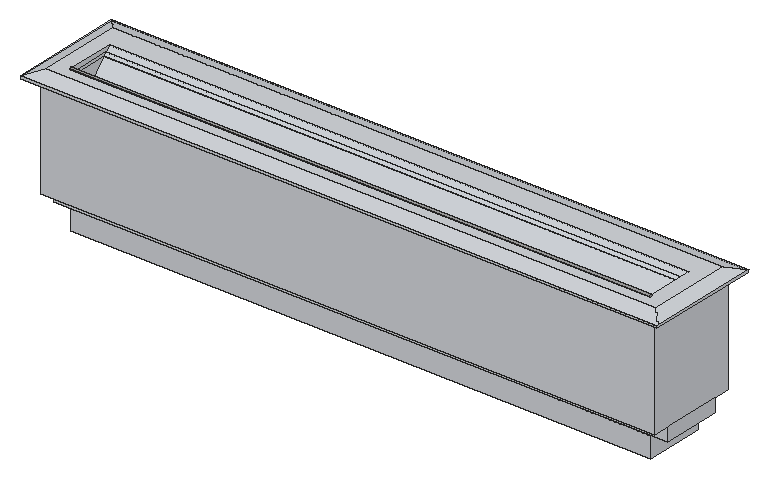
Revit family "2061270 Sylvania Lighting Fixture DOMINO 10xLED 940 OPAL AY TRIM BLACK", category Lighting Fixtures, host Face, Revit 2018
Family settings
  Host = Face
  Round Connector Dimension = Use Diameter
  Part Type = Normal
  OmniClass Number = 23.80.70.00
  OmniClass Title = Lighting
  Cut with Voids When Loaded = No
  Light Source = Yes
  Shared = No
  Room Calculation Point = No
Parameters (values of type "2061270 DOMINO 10XLED 940 OPAL ASYM TR BLK ")
  top top width = 15.812 mm
  top top length = 255 mm
  Width = 50 mm
  Weight = "n/a"
  Wattage Comments = ""
  Wattage = 9.2903 W
  WarrantyStartDate [instance] = "n/a"
  WarrantyGuarantorParts = "n/a"
  WarrantyDurationUnit = "n/a"
  WarrantyDurationParts = ""
  WarrantyDescription = "http://www.sylvania-lighting.com"
  built-in parameter 1150110 = 1 (stored number, unit not read)
  Voltage = 0 V
  URL = "0.95"
  TypeName = "DOMINO 10xLED 940 OPAL AY TRIM BLACK"
  Type Image = <None>
  Type Comments = "n/a"
  built-in parameter 1114217 = 1 (stored number, unit not read)
  Top Width = 26 mm
  Tilt Angle = 90.00°
  built-in parameter 1150109 = 1 (stored number, unit not read)
  built-in parameter 1150134 = 3
  built-in parameter 1150113 = 1 (stored number, unit not read)
  SerialNumber [instance] = "n/a"
  Recessed Width = 43 mm
  Recessed Length = 276 mm
  Photometric Web File = "2061270.ies"
  Material_3_FEILO = none
  PowerFactor = 0
  PowerConsumption = "Lighting"
  NominalLength = 50 mm
  NominalHeight = 0 mm
  NominalDepth = 0 mm
  Name = "DOMINO 10xLED 940 OPAL AY TRIM BLACK"
  ModelReference = Name  # "DOMINO 10xLED 940 OPAL AY TRIM BLACK"
  ModelNumber = "2061270"
  Model = Name  # "DOMINO 10xLED 940 OPAL AY TRIM BLACK"
  Material = "Feilo Sylvania"
  ManufacturerName = "65 lm/W"
  Manufacturer = ""
  LuminousEfficacy = ""
  built-in parameter 1150105 = 109.82 (stored number, unit not read)
  Lumens = 1380 lm
  LuminaireType = "0"
  built-in parameter 1150115 = 1 (stored number, unit not read)
  LightOutputRatio = "LED"
  built-in parameter 1150137 = (empty or 0)
  built-in parameter 1150139 = (empty or 0)
  Lens inside recess = 25 mm
  Lens Width = 32 mm
  Lens Outside recess = 31.978 mm
  Lens = Glass, White, High Luminance
  Length = 280 mm
  LampsType = Lamp  # "n/a"
  LampNominalLuminous = "4000 K"
  LampMacAdamStep = "90"
  LampColourTemperature = "LED"
  LampColourRenderingIndex = "16500"
  built-in parameter 1150112 = 1 (stored number, unit not read)
  built-in parameter 1150114 = 1 (stored number, unit not read)
  Lamp = "n/a"
  Keynote = "n/a"
  InstallationDate [instance] = "n/a"
  InputVoltage = "0"
  InputNominalFrequency = "4000"
  built-in parameter 1150132 = (empty or 0)
  built-in parameter 1150102 = (empty or 0)
  built-in parameter 1150107 = 3200 (stored number, unit not read)
  built-in parameter 1150138 = (empty or 0)
  IngressProtection = "IfcLightFixtureType"
  ImpactProtectionIndex = "IfcLightFixtureType"
  built-in parameter 1150106 = 1.0982 (stored number, unit not read)
  IfcExportType = "IfcLightFixtureType"
  IfcExportAs = "Class II"
  Facia internal width = 37 mm
  Facia internal length = 268 mm
  Facia Height = 2 mm
  ExpectedLife = 50000
  Emit from Circle Diameter = 609.6 mm
  Emit Shape Visible in Rendering = no
  ElectricShockClassification = "65"
  built-in parameter 1150104 = 13.8 (stored number, unit not read)
  DurationUnit = "hours"
  DocumentationLiterature = "http://www.sylvania-lighting.com/product/en-int/products/2061270"
  DimmingControlOptions = "n/a"
  Material_2_FEILO = none
  Dimming Lamp Color Temperature Shift = <None>
  Description = "Modular LED recessed linear spotlight, ideal for retail and hospitality applications. Die-cast aluminium body, passive cooling. Two levels of reflector installation, low glaring. 10x LED source, asymmetric beam angle , optics: PMMA lens and polycarbonate reflector combination, opaline diffuser. Light color temperature: 4000K neutral white, total system power: 23W , total fixture lumen output: 1475lm, efficacy: 65 lm/W, Ra90 typical, LED chromacity: 3 step MacAdam ellipse (SDCM3), lifespan: 96,000 hours at 90% of the original output (L90B10), IR/UV free light source without heat radiation, operating voltage: 220-240V / 50-60Hz, electronic driver, ultra low flicker, non-dimmable , electrical protection: Class II. Degree of Protection: IP40/IP20, suitable for indoor environment only. Ceiling cut-out: 43x43mm, outer dimensions:  280x50mm trim frame RAL 9005 - Jet black color.5 years Warranty."
  Default Elevation = 1219.2 mm
  CreatedOn = "23/02/2021"
  CreatedBy = "@sylvania-lighting.com"
  Cost = 0
  Color Filter = 16777215
  built-in parameter 1114216 [instance] = (empty or 0)
  ClassificationValue = "EF_70_80"
  ClassificationName = "Uniclass2015"
  Material_1_FEILO = none
  Body Width = 40 mm
  Body Length = 270 mm
  BarCode [instance] = "n/a"
  built-in parameter 1114218 = 1 (stored number, unit not read)
  built-in parameter 1150133 = 10 (stored number, unit not read)
  AssetType = "Fixed"
  AssetIdentifier [instance] = "n/a"
  Assembly Code = "D5020200"
  Apparent Load = 23 VA
  Material_4_FEILO = none
Reference planes
  plane 1 "Center (Front/Back)": y = 0
  plane 2: z = 0
  plane 3 "Center (Left/Right)": x = 0
  plane 4: z = 0
  plane 5: z = -7
  plane 6: z = -45.895
  plane 7: z = -51.895
  plane 8: z = -60.895
  plane 9: x = -138
  plane 10: x = 138
  plane 11: y = 21.5
  plane 12: y = -21.5
  plane 13: x = -140
  plane 14: x = 140
  plane 15: y = 25
  plane 16: y = -25
  plane 17: x = 134
  plane 18: x = -134
  plane 19: y = 18.5
  plane 20: y = -18.5
  plane 21: z = 2
  plane 22: x = -135
  plane 23: x = 135
  plane 24: y = 20
  plane 25: y = -20
  plane 26: y = 13
  plane 27: y = -13
  plane 28: x = 127.5
  plane 29: x = -127.5
  plane 30: x = -132
  plane 31: y = 16.5
  plane 32: y = -16.472
  plane 33: y = 13
  plane 34: y = -12.972
  plane 35: x = 129.7
  plane 36: x = 127.224
  plane 37: y = 11
  plane 38: y = -18.5
  plane 39: y = 8.5
  plane 40: y = -13.5
  plane 41: y = -4.5
Forms (mm)
  Extrusion 1, solid, not visible, detail levels medium+fine
    sketch origin (4.2, 0, 0) x (1, 0, 0) y (0, 1, 0)
      loop
        line (-29.2, 34.5) -> (-29.2, -34.5) -> (20.8, -34.5) -> (20.8, 34.5) -> (-29.2, 34.5)
    from 0 to 1
  Extrusion 2, solid, not visible, detail levels medium+fine
    sketch origin (4.044, 0, 0) x (1, 0, 0) y (0, 1, 0)
      loop
        line (-29.2, 34.5) -> (-29.2, -34.5) -> (20.8, -34.5) -> (20.8, 34.5) -> (-29.2, 34.5)
    from 0 to 1
  Blend 3, solid, not visible, detail levels medium+fine
    base sketch origin (4.2, 0, 0) x (1, 0, 0) y (0, 1, 0)
      loop
        line (-29.2, 34.5) -> (-29.2, -34.5) -> (20.8, -34.5) -> (20.8, 34.5) -> (-29.2, 34.5)
    top sketch origin (4.2, 0, 0) x (1, 0, 0) y (0, 1, 0)
      loop
        line (-21.7, 28) -> (-21.7, -28) -> (13.3, -28) -> (13.3, 28) -> (-21.7, 28)
    from 1 to 3
  Extrusion 4, solid, not visible, detail levels medium+fine
    sketch origin (3.419, 0, 0) x (1, 0, 0) y (0, 1, 0)
      loop
        line (-29.2, 34.5) -> (-29.2, -34.5) -> (20.8, -34.5) -> (20.8, 34.5) -> (-29.2, 34.5)
    from 0 to 1
  Blend 5, solid, not visible, detail levels medium+fine
    base sketch origin (3.575, 0, 0) x (1, 0, 0) y (0, 1, 0)
      loop
        line (-29.2, 34.5) -> (-29.2, -34.5) -> (20.8, -34.5) -> (20.8, 34.5) -> (-29.2, 34.5)
    top sketch origin (3.575, 0, 0) x (1, 0, 0) y (0, 1, 0)
      loop
        line (-21.7, 28) -> (-21.7, -28) -> (13.3, -28) -> (13.3, 28) -> (-21.7, 28)
    from 1 to 3
  Extrusion 6, solid, not visible, detail levels medium+fine
    sketch origin (4.247, 0, 0) x (1, 0, 0) y (0, 1, 0)
      loop
        line (-29.2, 34.5) -> (-29.2, -34.5) -> (20.8, -34.5) -> (20.8, 34.5) -> (-29.2, 34.5)
    from 0 to 1
  Blend 7, solid, not visible, detail levels medium+fine
    base sketch origin (4.403, 0, 0) x (1, 0, 0) y (0, 1, 0)
      loop
        line (-29.2, 34.5) -> (-29.2, -34.5) -> (20.8, -34.5) -> (20.8, 34.5) -> (-29.2, 34.5)
    top sketch origin (4.403, 0, 0) x (1, 0, 0) y (0, 1, 0)
      loop
        line (-21.7, 28) -> (-21.7, -28) -> (13.3, -28) -> (13.3, 28) -> (-21.7, 28)
    from 1 to 3
  Extrusion 8, void, detail levels medium+fine
    sketch origin (4.2, 0, 0) x (0, 1, 0) y (1, 0, 0)
      loop
        line (21.5, -142.2) -> (21.5, 133.8) -> (-21.5, 133.8) -> (-21.5, -142.2) -> (21.5, -142.2)
    from -9.934 to 83.097
  Extrusion 9, solid, detail levels medium+fine
    sketch origin (4.2, 0, 0) x (1, 0, 0) y (0, 1, 0)
      loop
        line (-144.2, 25) -> (-144.2, -25) -> (135.8, -25) -> (135.8, 25) -> (-144.2, 25)
    from 0 to 1
  Extrusion 10, solid, detail levels medium+fine
    sketch origin (4.2, 0, 0) x (1, 0, 0) y (0, 1, 0)
      loop
        line (-139.2, 20) -> (-139.2, -20) -> (130.8, -20) -> (130.8, 20) -> (-139.2, 20)
    from 0 to -45.895
  Extrusion 11, solid, detail levels medium+fine
    sketch origin (4.2, 0, 0) x (1, 0, 0) y (0, 1, 0)
      loop
        line (-139.2, 13) -> (-139.2, -13) -> (130.8, -13) -> (130.8, 13) -> (-139.2, 13)
    from -51.895 to -45.895
  Blend 12, solid, detail levels medium+fine
    base sketch origin (4.2, 0, 0) x (1, 0, 0) y (0, 1, 0)
      loop
        line (-144.2, 25) -> (-144.2, -25) -> (135.8, -25) -> (135.8, 25) -> (-144.2, 25)
    top sketch origin (4.2, 0, 0) x (1, 0, 0) y (0, 1, 0)
      loop
        line (-138.2, 18.5) -> (-138.2, -18.5) -> (129.8, -18.5) -> (129.8, 18.5) -> (-138.2, 18.5)
    from 1 to 3
  Extrusion 13, solid, detail levels fine
    sketch origin (0, 0, 0) x (1, 0, 0) y (0, 0, 1)
      loop
        line (-127.5, -51.895) -> (-127.5, -60.895) -> (127.5, -60.895) -> (127.5, -51.895) -> (-127.5, -51.895)
    from -13 to 13
  Blend 14, void
    base sketch origin (174.42, 0, 0) x (0, 1, 0) y (-1, 0, 0)
      loop
        line (8.5, 301.92) -> (-13.5, 301.92) -> (-13.5, 47.196) -> (8.5, 47.196) -> (8.5, 301.92)
    top sketch origin (174.42, 0, 0) x (0, 1, 0) y (-1, 0, 0)
      loop
        line (-3.641, 301.92) -> (-4.5, 301.92) -> (-4.5, 47.196) -> (-3.641, 47.196) -> (-3.641, 301.92)
    from 3 to -9.242
  Extrusion 15, solid, detail levels coarse
    sketch origin (4.2, 0, 0) x (1, 0, 0) y (0, 1, 0)
      loop
        line (-144.2, 25) -> (-144.2, -25) -> (135.8, -25) -> (135.8, 25) -> (-144.2, 25)
    from -60.895 to 3
  Extrusion 16, solid, material "Glass, White, High Luminance", detail levels fine
    sketch origin (0, 0, 0) x (0, 1, 0) y (0, 0, 1)
      loop
        line (-4.5, -9.242) -> (-3.698, -8.653) -> (-12.698, 3.59) -> (-13.5, 3) -> (-4.5, -9.242)
    from -127.5 to 127.5
Cuts and joins
  Blend 14 cuts Extrusion 9
  Blend 14 cuts Extrusion 10
  Blend 14 cuts Blend 12
Dimensions and locks
  "Recessed Length": plane 9 to plane 10
  equal spacing: plane 9, plane 3 "Center (Left/Right)", plane 10
  "Length": plane 13 to plane 14
  equal spacing: plane 13, plane 3 "Center (Left/Right)", plane 14
  "Recessed Width": plane 11 to plane 12
  equal spacing: plane 11, plane 1 "Center (Front/Back)", plane 12
  "Width": plane 15 to plane 16
  equal spacing: plane 15, plane 1 "Center (Front/Back)", plane 16
  "Facia internal length": plane 18 to plane 17
  equal spacing: plane 18, plane 3 "Center (Left/Right)", plane 17
  "Facia internal width": plane 19 to plane 20
  equal spacing: plane 19, plane 1 "Center (Front/Back)", plane 20
  "Facia Height": plane 21 to host face
  "Body Length": plane 22 to plane 23
  equal spacing: plane 22, plane 3 "Center (Left/Right)", plane 23
  "Body Width": plane 24 to plane 25
  equal spacing: plane 24, plane 1 "Center (Front/Back)", plane 25
  "Top Width": plane 26 to plane 27
  equal spacing: plane 26, plane 1 "Center (Front/Back)", plane 27
  "top top length": plane 29 to plane 28
  equal spacing: plane 29, plane 3 "Center (Left/Right)", plane 28  (x2)
  plane 28 to plane 29 = 255 mm
  equal spacing: plane 28, plane 3 "Center (Left/Right)", plane 29
  aligned and locked: plane 2 to host face
  aligned and locked: level to host face
  aligned and locked: Extrusion 11 to plane 7
  aligned and locked: Extrusion 10 to plane 6
Automatic sketch dimensions
  Extrusion 1 sketch curve to Extrusion 1 sketch curve = 50 mm
  Extrusion 1 sketch curve to Extrusion 1 sketch curve = 69 mm
  Extrusion 2 sketch curve to Extrusion 2 sketch curve = 50 mm
  Extrusion 2 sketch curve to Extrusion 2 sketch curve = 69 mm
  Blend 3 sketch curve to Blend 3 sketch curve = 50 mm
  Blend 3 sketch curve to Blend 3 sketch curve = 69 mm
  Blend 3 sketch curve to Blend 3 sketch curve = 35 mm
  Blend 3 sketch curve to Blend 3 sketch curve = 56 mm
  Extrusion 4 sketch curve to Extrusion 4 sketch curve = 50 mm
  Extrusion 4 sketch curve to Extrusion 4 sketch curve = 69 mm
  Blend 5 sketch curve to Blend 5 sketch curve = 50 mm
  Blend 5 sketch curve to Blend 5 sketch curve = 69 mm
  Blend 5 sketch curve to Blend 5 sketch curve = 35 mm
  Blend 5 sketch curve to Blend 5 sketch curve = 56 mm
  Extrusion 6 sketch curve to Extrusion 6 sketch curve = 50 mm
  Extrusion 6 sketch curve to Extrusion 6 sketch curve = 69 mm
  Blend 7 sketch curve to Blend 7 sketch curve = 50 mm
  Blend 7 sketch curve to Blend 7 sketch curve = 69 mm
  Blend 7 sketch curve to Blend 7 sketch curve = 35 mm
  Blend 7 sketch curve to Blend 7 sketch curve = 56 mm
  host sketch curve to host sketch curve = 2438.4 mm  (x2)
  Extrusion 8 sketch curve to plane 9 = 0 mm
  Extrusion 8 sketch curve to plane 12 = 0 mm
  Extrusion 8 sketch curve to plane 11 = 0 mm
  Extrusion 8 sketch curve to plane 10 = 0 mm
  Extrusion 9 sketch curve to plane 13 = 0 mm
  Extrusion 9 sketch curve to plane 14 = 0 mm
  Extrusion 9 sketch curve to plane 16 = 0 mm
  Extrusion 9 sketch curve to plane 15 = 0 mm
  Extrusion 10 sketch curve to plane 22 = 0 mm
  Extrusion 10 sketch curve to plane 23 = 0 mm
  Extrusion 10 sketch curve to plane 25 = 0 mm
  Extrusion 10 sketch curve to plane 24 = 0 mm
  Extrusion 11 sketch curve to plane 22 = 0 mm
  Extrusion 11 sketch curve to plane 23 = 0 mm
  Extrusion 11 sketch curve to plane 27 = 0 mm
  plane 26 to Extrusion 11 sketch curve = 0 mm
  Blend 12 sketch curve to plane 13 = 0 mm
  Blend 12 sketch curve to plane 14 = 0 mm
  Blend 12 sketch curve to plane 16 = 0 mm
  Blend 12 sketch curve to plane 15 = 0 mm
  Blend 12 sketch curve to plane 18 = 0 mm
  Blend 12 sketch curve to plane 17 = 0 mm
  Blend 12 sketch curve to plane 20 = 0 mm
  Blend 12 sketch curve to plane 19 = 0 mm
  Extrusion 13 sketch curve to plane 8 = 0 mm
  Extrusion 13 sketch curve to plane 29 = 0 mm
  Extrusion 13 sketch curve to plane 28 = 0 mm
  Extrusion 13 sketch curve to plane 7 = 0 mm
  Extrusion 15 sketch curve to plane 13 = 0 mm
  Extrusion 15 sketch curve to plane 14 = 0 mm
  Extrusion 15 sketch curve to plane 16 = 0 mm
  Extrusion 15 sketch curve to plane 15 = 0 mm
  Blend 14 sketch curve to plane 29 = 0 mm  (x2)
  Blend 14 sketch curve to plane 40 = 0 mm
  Blend 14 sketch curve to plane 39 = 0 mm
  Blend 14 sketch curve to plane 36 = 0 mm  (x2)
  Blend 14 sketch curve to plane 41 = 0 mm
  plane 41 to Blend 14 sketch curve = 0.859 mm
  Extrusion 16 sketch curve to plane 40 = 0 mm
  Extrusion 16 sketch curve to plane 41 = 0 mm
  plane 34 to Extrusion 16 sketch curve = 0.274 mm
  plane 21 to Extrusion 16 sketch curve = 1 mm
  Extrusion 16 sketch curve to Extrusion 16 sketch curve = 0.59 mm
Connectors
  electrical at (0, 0, -60.895)
    settings: on Extrusion 13, index 1, voltage 0 V, apparent load 0 VA, apparent load phase1 0 VA, apparent load phase2 0 VA, apparent load phase3 0 VA, power factor 1, load classification "Other", number of poles 1, system type 31, power factor state 1, is connector primary yes, connector utility no, sub classification motor no, connector description ""
